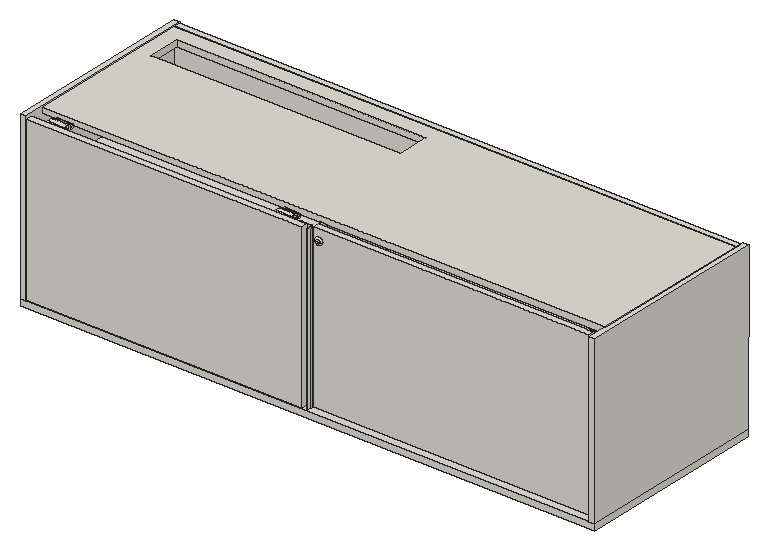
Revit family "Haworth_BeHold_Modular_CredenzaForHAT", category Furniture Systems, Revit 2018 (continued)
Definition of nested family "Haworth_BeHold_Accessory_BagLiner_BUILD Luqman"
  Reference planes (in)
    plane 8 "Top": z = 4
    plane 9: x = -23.36306
    plane 10: x = 11.01194
  Forms (in)
    Sweep 1, solid, material <- "Trim Finish"
      path origin (0, 0, 0) x (1, 0, 0) y (0, 1, 0)
        loop
          line (11.01194, -23.5) -> (-23.36306, -23.5)
      profile origin (-6.17556, -23.5, 0) x (0, -1, 0) y (0, 0, 1)
        loop
          arc (-2.90186, 0.06) -> (-2.92885, 0.07118) -> (-2.94003, 0.09817) r 0.03817
          line (-2.94003, 0.09817) -> (-2.94003, 4) -> (-3, 4) -> (-3, 0.09867)
          arc (-3, 0.09867) -> (-2.9711, 0.0289) -> (-2.90133, 0) r 0.09867
          line (-2.90133, 0) -> (2.93802, 0) -> (2.93802, 0.06) -> (-2.90186, 0.06)
  Lines and regions (in)
    Masking region 1
      outline origin (0, 0, 0) x (1, 0, 0) y (0, 1, 0)
        loop
          line (-23.36306, -20.5) -> (-23.36306, -26.43802) -> (11.01194, -26.43802) -> (11.01194, -20.5) -> (-23.36306, -20.5)
  Dimensions and locks (in)
    equal spacing: plane 7 "Left", plane 2 "Center L/R", plane 6 "Right"
    "Actual Width": plane 7 "Left" to plane 6 "Right"
    equal spacing: plane 4 "Back", plane 3 "Center F/B", plane 5 "Front"
    "Actual Depth": plane 4 "Back" to plane 5 "Front"
    locked: Sweep 1 sketch curve to plane 4 "Back" at 0.05997
    locked: Masking region 1 sketch curve to plane 5 "Front" at 0.06198
    "Actual Height": plane 8 "Top" to plane 1
    locked: plane 5 "Front" to Sweep 1 sketch curve at 0.06198
    "Side Offset": plane 9 to plane 7 "Left"
    "Side Offset": plane 10 to plane 6 "Right"
    aligned and locked: Sweep 1 sketch curve to plane 3 "Center F/B"
    aligned and locked: Sweep 1 sketch curve to plane 1
    aligned and locked: plane 4 "Back" to Sweep 1 sketch curve
    aligned and locked: Masking region 1 sketch curve to plane 4 "Back"
    aligned and locked: plane 8 "Top" to Sweep 1 sketch curve
    aligned and locked: plane 9 to Masking region 1 sketch curve
    aligned and locked: plane 10 to Masking region 1 sketch curve
    aligned and locked: plane 10 to Sweep 1 sketch curve
    aligned and locked: plane 9 to Sweep 1 sketch curve
  Automatic sketch dimensions
    Sweep 1 sketch curve to Sweep 1 sketch curve = 0.03817"
    Sweep 1 sketch curve to Sweep 1 sketch curve = 0.00053"
    Sweep 1 sketch curve to Sweep 1 sketch curve = 0.03867"
Types (5): name | Width | Top Case Front Offset | Top Case Back Control | Storage Width | Standard Depths | Sliding Door | Side Case Front Control | Side Case Back Control | Shelf Front Offset | Storage Shelf Control | Shelf | Separator Case Front Offset | Proud Style | Open | Min. Depth | Mid Separator S/D Control | Mid Separator O/D Control | Max. Storage Width | HAT Shelf Control | Drawers | Door Width | Depth | Cutout Dimension | Max. Width | Inset Style | Drawer Width | Blade Pull Length | Bag Liner Side Offset | Bag Liner | Back Case Side Control | Back Case Back Control | Actual Width | Actual Storage Width | Actual Steel Shelf | Actual Depth | Standard Widths | Actual Bag Liner
  24d 78w - 42w Drawer - Inset Back | 78" | 3" | 3/16" | 42" | "16, 24 in." | no | 3/4" | 0" | 3/4" | no | no | 3/4" | no | no | 16" | no | yes | 42" | yes | yes | 37 1/2" | 24" | 2" | 78" | yes | 41 7/8" | 41 13/16" | 25/64" | no | 3/4" | 3/16" | 78" | 42" | no | 24" | "60-78 @ 6in. increments" | no
  24d 72w - 36w Door - Inset Back | 72" | 2 1/2" | 3/16" | 36" | "24 in." | yes | 0" | 0" | 2 1/8" | yes | no | 3/4" | no | no | 24" | yes | no | 36" | yes | no | 34 1/2" | 24" | 2" | 72" | yes | 35 7/8" | 35 13/16" | 39/64" | no | 3/4" | 3/16" | 72" | 36" | no | 24" | "60-72 @ 6 in. increments" | no
  24d 72w - 36w Open - Inset Back | 72" | 3" | 3/16" | 36" | "16, 24 in." | no | 0" | 0" | 3/4" | yes | no | 0" | no | yes | 16" | no | yes | 36" | yes | no | 34 1/2" | 24" | 2" | 72" | yes | 35 7/8" | 35 13/16" | 25/64" | no | 3/4" | 3/16" | 72" | 36" | no | 24" | "60-72 @ 6 in. increments" | no
  16d 72w - 36w Open - Proud Back | 72" | 3" | 0" | 36" | "16, 24 in." | no | 0" | 3/4" | 3/4" | yes | yes | 0" | yes | yes | 16" | no | yes | 36" | no | no | 34 1/2" | 16" | 1/2" | 72" | no | 35 7/8" | 35 13/16" | 25/64" | yes | 0" | 0" | 72" | 36" | yes | 16" | "60-72 @ 6 in. increments" | yes
  16d 78w - 42w Drawers - Proud Back | 78" | 3" | 0" | 42" | "16, 24 in." | no | 3/4" | 3/4" | 3/4" | no | yes | 3/4" | yes | no | 16" | no | yes | 42" | no | yes | 37 1/2" | 16" | 1/2" | 78" | no | 41 7/8" | 41 13/16" | 25/64" | yes | 0" | 0" | 78" | 42" | yes | 16" | "60-78 @ 6in. increments" | yes
